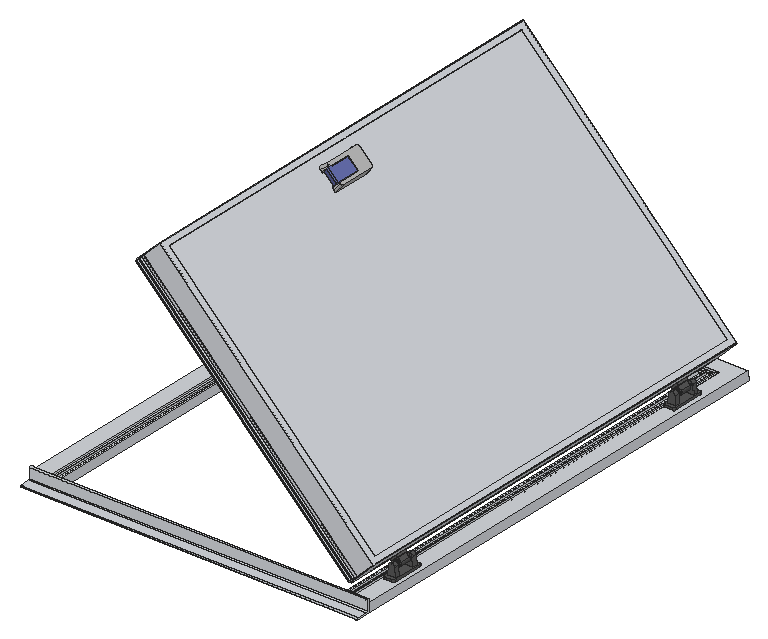
Revit family "Porta GC", category Doors, host Face, Revit 2020
Family settings
  Host = Face
  Cut with Voids When Loaded = Yes
  Shared = No
  Room Calculation Point = No
Parameters (values of type "150 - 1400 x 2200")
  VISOR [instance] = yes
  VEDAÇÃO INFERIOR [instance] = yes
  TAMPÃO = ""
  TAG [instance] = ""
  RAL do TAMPÃO [instance] = none
  PISO [instance] = ""
  OBSERVAÇÃO [instance] = ""
  NÚCLEO = ""
  Material do perfil [instance] = none
  Largura Vao Luz = 1400 mm
  FIXAÇÃO [instance] = ""
  Espessura Folha = 150 mm
  Espessura Painel [instance] = 100 mm
  Define Thermal Properties by = Schematic Type
  Default Elevation = 0 mm
  DETALHE [instance] = ""
  BUMPER [instance] = yes
  Angulo Abertura [instance] = 45.00°
  Altura Vao Luz = 2200 mm
  ABERTURA [instance] = ""
  4B [instance] = no
  3B [instance] = not([4B])  # yes
Types (3, lengths in mm): name | Largura Vao Luz | Espessura Folha | Espessura Painel | Angulo Abertura | Altura Vao Luz | 4B | 3B
  70 - 800 x 1800 | 800 | 32 | 70 | 0.00° | 1800 | yes | no
  150 - 1400 x 2200 | 1400 | 150 | 100 | 45.00° | 2200 | no | yes
  100 - 1000 x 2100 | 1000 | 32 | 100 | 0.00° | 2100 | yes | no
Reference planes
  plane 1 "Centro (Frente/Trás)": y = 0
  plane 2: z = 0
  plane 3 "Centro (Esquerda/Direita)": x = 0
  plane 4: y = 2200
  plane 5: x = 445
  plane 6: y = 2257.5
  plane 7: z = -100
  plane 8: z = -50
  plane 9: z = 94.481
  plane 10: y = 271
  plane 11: y = 1993
  plane 12: x = 778.2
  plane 13: x = 935
  plane 14: x = 700
  plane 15: x = -700
  plane 16: y = 1030
  plane 17: z = 45
Forms (mm)
  Extrusion 1, void
    sketch origin (0, 0, 0) x (1, 0, 0) y (0, 1, 0)
      loop
        line (-700, 2257.5) -> (-700, 0) -> (700, 0) -> (700, 2257.5) -> (-700, 2257.5)
    from 0 to -100
Lines and regions (mm)
  reference lines
    curve 1: line (778.2, 0, 94.481) -> (722.925, 0, 149.756)
    curve 2: line (722.925, 0, 149.756) -> (747.674, 0, 174.504)
Dimensions and locks
  "Altura Vao Luz": plane 1 "Centro (Frente/Trás)" to plane 4
  plane 6 to plane 4 = 57.5 mm
  equal spacing: plane 2, plane 8, plane 7
  "Espessura Painel": plane 2 to plane 7
  locked: plane 9 to plane 2 at 94.481
  locked: plane 1 "Centro (Frente/Trás)" to plane 10 at 271
  locked: plane 11 to plane 4 at 207
  locked: plane 1 "Centro (Frente/Trás)" to plane 16 at 1030
  locked: plane 17 to plane 2 at 45
  equal spacing: plane 15, plane 3 "Centro (Esquerda/Direita)", plane 14
  "Largura Vao Luz": plane 15 to plane 14
  locked: plane 12 to plane 14 at 78.2
  curve 1 to curve 1 = 78.17 mm
  "Angulo Abertura": angle curve 1 to plane 9
  locked: curve 1 to curve 2 (angle 90.00°)
  aligned and locked: plane 2 to host face
  aligned and locked: level to host face
  aligned and locked: Extrusion 1 sketch curve to plane 1 "Centro (Frente/Trás)"
  aligned and locked: Extrusion 1 sketch curve to plane 6
  aligned and locked: plane 3 "Centro (Esquerda/Direita)" to nested 1
  aligned and locked: plane 2 to nested 1
  aligned and locked: plane 12 to nested 3
  aligned and locked: Extrusion 1 sketch curve to plane 14
  aligned and locked: Extrusion 1 sketch curve to plane 15
  aligned and locked: Extrusion 1 to plane 7
  aligned and locked: plane 16 to nested 4
  aligned and locked: plane 17 to nested 3
  aligned and locked: curve 1 to plane 9
  aligned and locked: plane 12 to nested 2
  aligned and locked: nested 2 to plane 9
  aligned and locked: plane 12 to curve 1
  aligned and locked: nested 5 to curve 1
  aligned and locked: nested 5 to curve 2
  aligned and locked: nested 4 to nested 5
Automatic sketch dimensions
  host sketch curve to host sketch curve = 2438.4 mm
  host sketch curve to host sketch curve = 3919.2 mm
Nested families
  nested 1: "GC Moldura" at (0, 0, 0) x (1, 0, 0) z (0, 1, 0), Altura <- "Altura Vao Luz", Largura <- "Largura Vao Luz", 3B <- "3B", 4B <- "4B", Soleira <- "3B", Material do Perfil <- "Material do perfil", type "GC Moldura"
    with Soleira yes, Largura 1400 mm, Altura 2200 mm, 4B no, 3B yes
  nested 2: "GC Dobradica" at (778.2, 271, 94.481) x (1, 0, 0) z (0, 1, 0), Angulo Abertura <- "Angulo Abertura", type "GC Dobradica"
    with Angulo Abertura 45.00°
  nested 3: "GC Dobradica" at (778.2, 1993, 94.481) x (1, 0, 0) z (0, 1, 0), Angulo Abertura <- "Angulo Abertura", type "GC Dobradica"
    with Angulo Abertura 45.00°
  nested 4: "GC macaneta" at (-267.024, 1030, 1139.705) x (0.7071, 0, -0.7071) z (0.7071, 0, 0.7071), Espessura Folha <- "Espessura Folha", type "GC macaneta"
    with Espessura Folha Menor 124 mm, Espessura Folha 150 mm
  nested 5: "GC Folha" at (160.068, 0, 576.848) x (0.7071, 0, -0.7071) z (0, 1, 0), Altura <- "Altura Vao Luz", Espessura <- "Espessura Folha", Largura <- "Largura Vao Luz", Nucelo <- "RAL do TAMPÃO", Quadro <- "Material do perfil", type "GC Folha"
    with Largura 1400 mm, Espessura 150 mm, Altura 2200 mm
Definition of nested family "GC Moldura"
  Parameters (values of type "GC Moldura")
    Soleira [instance] = yes
    Material do Perfil [instance] = none
    Largura [instance] = 800 mm
    Default Elevation = 0 mm
    Altura [instance] = 2100 mm
    4B [instance] = yes
    3B [instance] = yes
  Reference planes
    plane 1 "Centro (Frente/Trás)": y = 0
    plane 2: z = 0
    plane 3 "Centro (Esquerda/Direita)": x = 0
    plane 4: x = -400
    plane 5: x = 400
    plane 6: z = 2100
    plane 7: x = -530
    plane 8: z = 2230
    plane 9: x = 530
  Forms (mm)
    Sweep 1, solid, material <- "Material do Perfil", visible <- "3B"
      path origin (0, 0, 0) x (1, 0, 0) y (0, 0, 1)
        loop
          line (-400, 0) -> (-400, 2100) -> (400, 2100) -> (400, 0)
      profile "GC Perfil moldura : GC Perfil moldura" origin (-400, 0, 1050) x (-1, 0, 0) y (0, -1, 0)
        loop
          line (44, 3) -> (44, 16.5) -> (82, 16.5) -> (82, 3) -> (127, 3) -> (127, 42) -> (49.5, 42) -> (49.5, 33.5) -> (32.5, 33.5) -> (32.5, 41.5) -> (29, 41.5) -> (29, 33.5) -> (12, 33.5) -> (12, 42) -> (3, 42) -> (3, 3) -> (44, 3)
        loop
          line (54.5, 0) -> (54.5, 4) -> (47, 4) -> (47, 13.5) -> (79, 13.5) -> (79, 4) -> (71.5, 4) -> (71.5, 0) -> (130, 0) -> (130, 45) -> (46.5, 45) -> (46.5, 36.5) -> (35.5, 36.5) -> (35.5, 44.5) -> (26, 44.5) -> (26, 36.5) -> (15, 36.5) -> (15, 45) -> (0, 45) -> (0, 0) -> (54.5, 0)
    Extrusion 2, solid, material <- "Material do Perfil", visible <- "Soleira"
      sketch origin (0, 0, 0) x (0, 1, 0) y (0, 0, 1)
        loop
          line (-60.174, -6.169) -> (-12.651, -7.828)
          arc (-12.651, -7.828) -> (-9.29, -9.29) -> (-7.828, -12.651) r 5
          line (-7.828, -12.651) -> (-6.169, -60.174)
          arc (-6.169, -60.174) -> (-4.645, -63.597) -> (-1.172, -65) r 5
          line (-1.172, -65) -> (0, -65) -> (0, 0) -> (-65, 0) -> (-65, -1.172)
          arc (-65, -1.172) -> (-63.597, -4.645) -> (-60.174, -6.169) r 5
      from -530 to 530
    Sweep 3, solid, material <- "Material do Perfil", visible <- "4B"
      path origin (0, 0, 0) x (1, 0, 0) y (0, 0, 1)
        loop
          line (-400, 3) -> (400, 3) -> (400, 2100) -> (-400, 2100) -> (-400, 3)
      profile "GC Perfil moldura : GC Perfil moldura" origin (-400, 0, 1051.5) x (-1, 0, 0) y (0, -1, 0)
        loop
          line (44, 3) -> (44, 16.5) -> (82, 16.5) -> (82, 3) -> (127, 3) -> (127, 42) -> (49.5, 42) -> (49.5, 33.5) -> (32.5, 33.5) -> (32.5, 41.5) -> (29, 41.5) -> (29, 33.5) -> (12, 33.5) -> (12, 42) -> (3, 42) -> (3, 3) -> (44, 3)
        loop
          line (54.5, 0) -> (54.5, 4) -> (47, 4) -> (47, 13.5) -> (79, 13.5) -> (79, 4) -> (71.5, 4) -> (71.5, 0) -> (130, 0) -> (130, 45) -> (46.5, 45) -> (46.5, 36.5) -> (35.5, 36.5) -> (35.5, 44.5) -> (26, 44.5) -> (26, 36.5) -> (15, 36.5) -> (15, 45) -> (0, 45) -> (0, 0) -> (54.5, 0)
  Dimensions and locks
    equal spacing: plane 4, plane 3 "Centro (Esquerda/Direita)", plane 5
    "Largura": plane 4 to plane 5
    "Altura": plane 6 to plane 2
    locked: plane 7 to plane 4 at 130
    locked: plane 8 to plane 6 at 130
    equal spacing: plane 9, plane 3 "Centro (Esquerda/Direita)", plane 7
    aligned and locked: level to plane 2
    aligned and locked: plane 2 to Extrusion 2 sketch curve
    aligned and locked: plane 1 "Centro (Frente/Trás)" to Extrusion 2 sketch curve
    aligned and locked: plane 7 to Extrusion 2
    aligned and locked: plane 9 to Extrusion 2
  Automatic sketch dimensions
    plane 4 to Sweep 1 sketch curve = 0 mm
    Sweep 1 sketch curve to level = 0 mm  (x2)
    Sweep 1 sketch curve to plane 5 = 0 mm
    Sweep 1 sketch curve to plane 6 = 0 mm
    plane 1 "Centro (Frente/Trás)" to Extrusion 2 sketch curve = 1.172 mm
    Extrusion 2 sketch curve to Extrusion 2 sketch curve = 4.997 mm
    plane 1 "Centro (Frente/Trás)" to Extrusion 2 sketch curve = 7.828 mm
    Extrusion 2 sketch curve to Extrusion 2 sketch curve = 4.822 mm  (x2)
    Extrusion 2 sketch curve to Extrusion 2 sketch curve = 0.174 mm  (x3)
    Extrusion 2 sketch curve to level = 1.172 mm
    Extrusion 2 sketch curve to Extrusion 2 sketch curve = 47.349 mm  (x2)
    Extrusion 2 sketch curve to level = 6.169 mm
    Extrusion 2 sketch curve to level = 7.828 mm
    plane 4 to Sweep 3 sketch curve = 0 mm
    Sweep 3 sketch curve to plane 5 = 0 mm
    Sweep 3 sketch curve to plane 6 = 0 mm
    level to Sweep 3 sketch curve = 3 mm
Definition of nested family "GC Dobradica"
  Parameters (values of type "GC Dobradica")
    Default Elevation = 1219.2 mm
    Angulo Abertura [instance] = 90.00°
  Reference planes
    plane 1 "Centro (Frente/Trás)": y = 0
    plane 2: z = 0
    plane 3 "Centro (Esquerda/Direita)": x = 0
    plane 4: y = 49.481
    plane 5: x = 9
    plane 6: x = -33.17
    plane 7: x = 27.75
    plane 8: x = -27.75
    plane 9: z = 82
    plane 10: z = -86
    plane 11: y = 38.481
    plane 12: z = 62
    plane 13: z = 40
    plane 14: z = -47
    plane 15: z = -66
  Forms (mm)
    Revolve 1, solid
      sketch origin (0, 0, 0) x (1, 0, 0) y (0, 0, 1)
        loop
          line (14, -27.007) -> (0, -27.007) -> (0, -47) -> (14, -47) -> (14, -38)
          arc (14, -38) -> (13.707, -37.293) -> (13, -37) r 1
          arc (13, -37) -> (13.707, -36.707) -> (14, -36) r 1
          line (14, -36) -> (14, -27.007)
        axis (0, -47) -> (0, -27.007)
      angle from 0 to 360
    Revolve 2, solid
      sketch origin (0, 0, 0) x (1, 0, 0) y (0, 0, -1)
        loop
          line (5.156, -27) -> (0, -27) -> (0, -40) -> (5.156, -40) -> (5.156, -27)
        axis (0, -40) -> (0, -27)
      angle from 0 to 360
    Extrusion 3, solid
      sketch origin (-17.75, -1524, -66) x (-1, 0, 0) y (0, -1, 0)
        loop
          line (1.5, -1562.481) -> (-1.436, -1520.505)
          arc (-1.436, -1520.505) -> (-5.854, -1511.242) -> (-15.402, -1507.481) r 14
          line (-15.402, -1507.481) -> (-20.098, -1507.481)
          arc (-20.098, -1507.481) -> (-29.646, -1511.242) -> (-34.064, -1520.505) r 14
          line (-34.064, -1520.505) -> (-37, -1562.481) -> (1.5, -1562.481)
      from 0 to 19
    Extrusion 4, solid
      sketch origin (-17.75, -1524, 40) x (-1, 0, 0) y (0, -1, 0)
        loop
          line (1.5, -1562.481) -> (-1.436, -1520.505)
          arc (-1.436, -1520.505) -> (-5.854, -1511.242) -> (-15.402, -1507.481) r 14
          line (-15.402, -1507.481) -> (-20.098, -1507.481)
          arc (-20.098, -1507.481) -> (-29.646, -1511.242) -> (-34.064, -1520.505) r 14
          line (-34.064, -1520.505) -> (-37, -1562.481) -> (1.5, -1562.481)
      from 0 to 22
    Extrusion 5, solid
      sketch origin (0, -33.17, 0) x (0, 0, 1) y (-1, 0, 0)
        loop
          line (27, -21) -> (27, 21) -> (-27, 21) -> (-27, -21) -> (27, -21)
      from 0 to -13
    Extrusion 6, solid
      sketch origin (-2.349, 38.481, 1200) x (-1, 0, 0) y (0, 0, 1)
        loop
          line (-20.099, -1286) -> (15.401, -1286)
          arc (15.401, -1286) -> (22.472, -1283.071) -> (25.401, -1276) r 10
          line (25.401, -1276) -> (25.401, -1128)
          arc (25.401, -1128) -> (22.472, -1120.929) -> (15.401, -1118) r 10
          line (15.401, -1118) -> (-20.099, -1118)
          arc (-20.099, -1118) -> (-27.17, -1120.929) -> (-30.099, -1128) r 10
          line (-30.099, -1128) -> (-30.099, -1276)
          arc (-30.099, -1276) -> (-27.17, -1283.071) -> (-20.099, -1286) r 10
      from 0 to 11
  Lines and regions (mm)
    reference lines
      curve 1: line (0, 0, 0) -> (0, -33.17, 0)
  Dimensions and locks
    locked: plane 4 to plane 11 at 11
    locked: Extrusion 5 sketch curve to Extrusion 5 sketch curve at 42
    locked: curve 1 to curve 1 at 33.17
    "Angulo Abertura": angle plane 1 "Centro (Frente/Trás)" to curve 1
    aligned and locked: level to plane 2
    aligned and locked: plane 14 to Extrusion 3
    aligned and locked: plane 12 to Extrusion 4
    aligned and locked: Extrusion 6 to plane 4
    aligned and locked: plane 3 "Centro (Esquerda/Direita)" to curve 1
    aligned and locked: plane 1 "Centro (Frente/Trás)" to curve 1
  Automatic sketch dimensions
    Revolve 1 sketch curve to plane 3 "Centro (Esquerda/Direita)" = 0 mm  (x2)
    Revolve 1 sketch curve to plane 14 = 0 mm
    Revolve 1 sketch curve to level = 0 mm
    plane 5 to Revolve 1 sketch curve = 4 mm
    plane 5 to Revolve 1 sketch curve = 5 mm  (x2)
    plane 14 to Revolve 1 sketch curve = 9 mm
    Revolve 1 sketch curve to Revolve 1 sketch curve = 1 mm
    Revolve 1 sketch curve to Revolve 1 sketch curve = 8.993 mm
    Revolve 1 sketch curve to plane 15 = 1.09 mm
    Revolve 2 sketch curve to plane 3 "Centro (Esquerda/Direita)" = 0 mm  (x2)
    Revolve 2 sketch curve to plane 13 = 0 mm
    Revolve 2 sketch curve to level = 0 mm
    plane 5 to Revolve 2 sketch curve = 3.844 mm
    plane 13 to Revolve 2 sketch curve = 13 mm
    Revolve 2 sketch curve to plane 12 = 5.09 mm
    Extrusion 3 sketch curve to plane 11 = 0 mm
    Extrusion 3 sketch curve to plane 7 = 8.5 mm
    plane 1 "Centro (Frente/Trás)" to Extrusion 3 sketch curve = 3.495 mm  (x2)
    plane 5 to Extrusion 3 sketch curve = 7.314 mm
    plane 3 "Centro (Esquerda/Direita)" to Extrusion 3 sketch curve = 2.348 mm
    Extrusion 3 sketch curve to plane 3 "Centro (Esquerda/Direita)" = 2.348 mm
    Extrusion 3 sketch curve to plane 8 = 11.436 mm
    Extrusion 3 sketch curve to plane 8 = 8.5 mm
    plane 1 "Centro (Frente/Trás)" to Extrusion 3 sketch curve = 2.518 mm
    Extrusion 4 sketch curve to plane 11 = 0 mm
    Extrusion 4 sketch curve to plane 7 = 8.5 mm
    plane 1 "Centro (Frente/Trás)" to Extrusion 4 sketch curve = 3.495 mm  (x2)
    plane 5 to Extrusion 4 sketch curve = 7.314 mm
    plane 3 "Centro (Esquerda/Direita)" to Extrusion 4 sketch curve = 2.348 mm
    Extrusion 4 sketch curve to plane 3 "Centro (Esquerda/Direita)" = 2.348 mm
    Extrusion 4 sketch curve to plane 8 = 11.436 mm
    Extrusion 4 sketch curve to plane 8 = 8.5 mm
    plane 1 "Centro (Frente/Trás)" to Extrusion 4 sketch curve = 2.518 mm
    plane 14 to Extrusion 5 sketch curve = 20 mm
    Extrusion 5 sketch curve to plane 13 = 13 mm
    Extrusion 6 sketch curve to plane 7 = 0 mm
    Extrusion 6 sketch curve to plane 9 = 0 mm
    Extrusion 6 sketch curve to plane 10 = 0 mm
    plane 8 to Extrusion 6 sketch curve = 0 mm
    plane 5 to Extrusion 6 sketch curve = 8.75 mm  (x2)
    Extrusion 6 sketch curve to plane 8 = 10 mm
    Extrusion 6 sketch curve to plane 15 = 10 mm
  Nested families
    nested 1: "Dobradica Parte" at (0, -20.17, 0) x (-1, 0, 0) z (0, 0, 1), type "Dobradica Parte"
      with EPDM none
  Definition of nested family "Dobradica Parte"
    Parameters (values of type "Dobradica Parte")
      EPDM [instance] = none
      Default Elevation = 1219.2 mm
    Reference planes
      plane 1 "Centro (Frente/Trás)": y = 0
      plane 2: z = 0
      plane 3 "Centro (Esquerda/Direita)": x = 0
    Forms (mm)
      Extrusion 1, solid, material <- "EPDM"
        sketch origin (-1524, -2.42, 40) x (0, 1, 0) y (-1, 0, 0)
          loop
            line (2.42, -1539.917) -> (2.42, -1508.083) -> (-21.109, -1510.855)
            arc (-21.109, -1510.855) -> (-32.744, -1523.909) -> (-21.173, -1537.02) r 13.177
            line (-21.173, -1537.02) -> (2.42, -1539.917)
        from -67.007 to -13.003
    Dimensions and locks
      aligned and locked: level to plane 2
Definition of nested family "GC macaneta"
  Parameters (values of type "GC macaneta")
    Espessura Folha Menor [instance] = Espessura Folha - 26 mm  # 52 mm
    Espessura Folha [instance] = 78 mm
    Default Elevation = 1219.2 mm
  Reference planes
    plane 1 "Centro (Frente/Trás)": y = 0
    plane 2: z = 0
    plane 3 "Centro (Esquerda/Direita)": x = 0
    plane 4: z = 52
    plane 5: z = 98
  Forms (mm)
    Blend 1, solid
      base sketch origin (-66.892, -1524, 52) x (-1, 0, 0) y (0, -1, 0)
        loop
          arc (-115.892, -1422) -> (-118.367, -1423.025) -> (-119.392, -1425.5) r 3.5
          line (-119.392, -1425.5) -> (-119.392, -1537) -> (-187.392, -1537) -> (-187.392, -1425.5)
          arc (-187.392, -1425.5) -> (-188.417, -1423.025) -> (-190.892, -1422) r 3.5
          line (-190.892, -1422) -> (-202.544, -1422)
          spline (-202.544, -1422) -> (-203.841, -1422.084) -> (-205.112, -1422.333) -> (-206.335, -1422.744) -> (-207.491, -1423.31) -> (-208.56, -1424.021) -> (-209.526, -1424.867) -> (-210.371, -1425.832) -> (-211.082, -1426.901) -> (-211.648, -1428.057) -> (-212.059, -1429.281) -> (-212.309, -1430.551) -> (-212.392, -1431.848)
          line (-212.392, -1431.848) -> (-212.392, -1616.152)
          spline (-212.392, -1616.152) -> (-212.309, -1617.45) -> (-212.059, -1618.722) -> (-211.647, -1619.946) -> (-211.08, -1621.103) -> (-210.367, -1622.173) -> (-209.52, -1623.139) -> (-208.553, -1623.984) -> (-207.482, -1624.695) -> (-206.325, -1625.26) -> (-205.1, -1625.67) -> (-203.827, -1625.918) -> (-202.529, -1626)
          line (-202.529, -1626) -> (-104.256, -1626)
          spline (-104.256, -1626) -> (-102.957, -1625.918) -> (-101.685, -1625.67) -> (-100.46, -1625.26) -> (-99.302, -1624.695) -> (-98.231, -1623.984) -> (-97.264, -1623.139) -> (-96.417, -1622.173) -> (-95.705, -1621.103) -> (-95.138, -1619.946) -> (-94.726, -1618.722) -> (-94.476, -1617.45) -> (-94.392, -1616.152)
          line (-94.392, -1616.152) -> (-94.392, -1431.848)
          spline (-94.392, -1431.848) -> (-94.476, -1430.551) -> (-94.725, -1429.281) -> (-95.136, -1428.057) -> (-95.702, -1426.901) -> (-96.414, -1425.832) -> (-97.259, -1424.867) -> (-98.224, -1424.021) -> (-99.294, -1423.31) -> (-100.449, -1422.744) -> (-101.673, -1422.333) -> (-102.943, -1422.084) -> (-104.24, -1422)
          line (-104.24, -1422) -> (-115.892, -1422)
      top sketch origin (-66.892, -1524, 52) x (-1, 0, 0) y (0, -1, 0)
        loop
          arc (-205.385, -1609.166) -> (-202.394, -1616.017) -> (-195.538, -1618.993) r 10.21
          line (-195.538, -1618.993) -> (-111.247, -1618.993)
          arc (-111.247, -1618.993) -> (-104.391, -1616.017) -> (-101.4, -1609.166) r 10.21
          line (-101.4, -1609.166) -> (-101.4, -1438.855)
          arc (-101.4, -1438.855) -> (-104.384, -1431.993) -> (-111.247, -1429.009) r 10.209
          line (-111.247, -1429.009) -> (-117.392, -1429.009)
          arc (-117.392, -1429.009) -> (-118.807, -1429.586) -> (-119.394, -1430.997) r 1.988
          line (-119.394, -1430.997) -> (-119.394, -1537) -> (-187.391, -1537) -> (-187.391, -1430.997)
          arc (-187.391, -1430.997) -> (-187.978, -1429.586) -> (-189.393, -1429.009) r 1.988
          line (-189.393, -1429.009) -> (-195.538, -1429.009)
          arc (-195.538, -1429.009) -> (-202.401, -1431.993) -> (-205.385, -1438.855) r 10.209
          line (-205.385, -1438.855) -> (-205.385, -1609.166)
      from 0 to 46
    Extrusion 2, solid
      sketch origin (0, 0, 0) x (0, -1, 0) y (0, 0, -1)
        loop
          line (-11.002, -105) -> (113.859, -105)
          arc (113.859, -105) -> (115.547, -104.075) -> (115.673, -102.155) r 2
          line (115.673, -102.155) -> (92.286, -52) -> (-13, -52) -> (-13, -103)
          arc (-13, -103) -> (-12.415, -104.414) -> (-11.002, -105) r 2
      from 52.501 to 120.499
  Dimensions and locks
    "Espessura Folha Menor": plane 4 to level
    locked: plane 5 to plane 4 at 46
    aligned and locked: level to plane 2
  Automatic sketch dimensions
    plane 3 "Centro (Esquerda/Direita)" to Blend 1 sketch curve = 145.5 mm
    Blend 1 sketch curve to Blend 1 sketch curve = 9.848 mm  (x2)
    Blend 1 sketch curve to Blend 1 sketch curve = 9.863 mm  (x2)
    Blend 1 sketch curve to Blend 1 sketch curve = 11.652 mm  (x2)
    Blend 1 sketch curve to Blend 1 sketch curve = 3.5 mm  (x2)
    Blend 1 sketch curve to plane 1 "Centro (Frente/Trás)" = 13 mm  (x2)
    plane 3 "Centro (Esquerda/Direita)" to Blend 1 sketch curve = 52.5 mm
    plane 3 "Centro (Esquerda/Direita)" to Blend 1 sketch curve = 37.363 mm
    Blend 1 sketch curve to Blend 1 sketch curve = 79.152 mm  (x2)
    plane 1 "Centro (Frente/Trás)" to Blend 1 sketch curve = 92.152 mm  (x2)
    Blend 1 sketch curve to Blend 1 sketch curve = 6.348 mm  (x2)
    Blend 1 sketch curve to Blend 1 sketch curve = 2.867 mm  (x3)
    Blend 1 sketch curve to Blend 1 sketch curve = 0.291 mm  (x2)
    Blend 1 sketch curve to Blend 1 sketch curve = 10.154 mm
    Blend 1 sketch curve to Blend 1 sketch curve = 0.306 mm
    Blend 1 sketch curve to Blend 1 sketch curve = 6.981 mm
    plane 3 "Centro (Esquerda/Direita)" to Blend 1 sketch curve = 138.493 mm
    Blend 1 sketch curve to Blend 1 sketch curve = 9.847 mm  (x2)
    Blend 1 sketch curve to Blend 1 sketch curve = 10.203 mm  (x2)
    Blend 1 sketch curve to Blend 1 sketch curve = 0.356 mm  (x2)
    Blend 1 sketch curve to Blend 1 sketch curve = 6.145 mm  (x2)
    Blend 1 sketch curve to Blend 1 sketch curve = 0.015 mm  (x2)
    Blend 1 sketch curve to Blend 1 sketch curve = 1.988 mm  (x2)
    plane 3 "Centro (Esquerda/Direita)" to Blend 1 sketch curve = 52.502 mm
    plane 3 "Centro (Esquerda/Direita)" to Blend 1 sketch curve = 44.711 mm
    Blend 1 sketch curve to Blend 1 sketch curve = 5.804 mm
    Blend 1 sketch curve to Blend 1 sketch curve = 71.789 mm  (x2)
    Blend 1 sketch curve to Blend 1 sketch curve = 0.377 mm
    plane 1 "Centro (Frente/Trás)" to Blend 1 sketch curve = 84.788 mm
    Blend 1 sketch curve to Blend 1 sketch curve = 0 mm
    Blend 1 sketch curve to Blend 1 sketch curve = 0.357 mm  (x2)
    Extrusion 2 sketch curve to plane 1 "Centro (Frente/Trás)" = 11.002 mm
    Extrusion 2 sketch curve to Extrusion 2 sketch curve = 0.002 mm  (x2)
    plane 5 to Extrusion 2 sketch curve = 7 mm
    Extrusion 2 sketch curve to Extrusion 2 sketch curve = 21.573 mm
    Extrusion 2 sketch curve to Extrusion 2 sketch curve = 2 mm  (x2)
    Extrusion 2 sketch curve to Extrusion 2 sketch curve = 1.813 mm
    plane 5 to Extrusion 2 sketch curve = 4.155 mm
    Extrusion 2 sketch curve to Extrusion 2 sketch curve = 0 mm  (x3)
    Extrusion 2 sketch curve to plane 4 = 0 mm
    plane 1 "Centro (Frente/Trás)" to Extrusion 2 sketch curve = 92.286 mm
Definition of nested family "GC Folha"
  Parameters (values of type "GC Folha")
    Quadro [instance] = none
    Nucelo [instance] = none
    Largura [instance] = 800 mm
    Espessura [instance] = 50 mm
    Default Elevation = 0 mm
    Altura [instance] = 2100 mm
  Reference planes
    plane 1 "Centro (Frente/Trás)": y = 0
    plane 2: z = 0
    plane 3 "Centro (Esquerda/Direita)": x = 0
    plane 4: x = -400
    plane 5: x = 400
    plane 6: x = -445
    plane 7: z = 2100
    plane 8: z = 2140
    plane 9: x = -404.1
    plane 10: z = 60
    plane 11: x = -415
    plane 12: y = -70
    plane 13: y = -120
    plane 14: y = -64
    plane 15: y = -45
    plane 16: x = -440.055
    plane 17: x = 440
    plane 18: z = 15
    plane 19: z = 20
    plane 20: y = -96
    plane 21: x = 440.055
  Forms (mm)
    Sweep 1, solid, material <- "Quadro"
      path origin (0, 0, 0) x (1, 0, 0) y (0, 0, 1)
        loop
          line (-400, 60) -> (400, 60) -> (400, 2100) -> (-400, 2100) -> (-400, 60)
      profile origin (-400, 0, 1080) x (-1, 0, 0) y (0, -1, 0)
        loop
          line (15, 70) -> (15.002, 69)
          arc (15.002, 69) -> (16.466, 65.464) -> (20.002, 64) r 5
          line (20.002, 64) -> (28.455, 64) -> (28.455, 65.5) -> (20.955, 65.5) -> (20.955, 69) -> (42.955, 69) -> (42.955, 65.5) -> (35.455, 65.5) -> (35.455, 64) -> (45, 64) -> (45, 122) -> (15, 122) -> (15, 120) -> (43, 120) -> (43, 70) -> (15, 70)
    Extrusion 2, solid, material <- "Nucelo"
      sketch origin (-426.904, -120, 1200) x (1, 0, 0) y (0, 0, 1)
        loop
          line (-13.151, 940) -> (-13.151, -1180) -> (866.904, -1180) -> (866.904, 940) -> (-13.151, 940)
      from 0 to -50
    Sweep 3, solid
      path origin (0, 0, 0) x (1, 0, 0) y (0, 0, 1)
        loop
          line (-400, 60) -> (-400, 2100) -> (400, 2100) -> (400, 60)
      profile origin (-400, 0, 1080) x (-1, 0, 0) y (0, -1, 0)
        loop
          line (18.855, 64) -> (18.855, 47.068)
          arc (18.855, 47.068) -> (31.37, 34.013) -> (45, 45.898) r 13.1
          line (45, 45.898) -> (45, 64) -> (35.455, 64) -> (35.455, 65.5) -> (42.955, 65.5) -> (42.955, 69) -> (20.955, 69) -> (20.955, 65.5) -> (28.455, 65.5) -> (28.455, 64) -> (18.855, 64)
        loop
          line (22.855, 60) -> (22.855, 47.1)
          arc (22.855, 47.1) -> (31.955, 37.98) -> (41.055, 47.08) r 9.1
          line (41.055, 47.08) -> (41.055, 60) -> (22.855, 60)
    Extrusion 4, solid
      sketch origin (0, 0, 0) x (0, 1, 0) y (0, 0, 1)
        loop
          line (-95.552, 11) -> (-94, 4) -> (-92.448, 11) -> (-85.552, 11) -> (-84, 4) -> (-82.448, 11) -> (-75.552, 11) -> (-74, 4) -> (-72.448, 11) -> (-58.417, 11) -> (-60, 41.2) -> (-64, 41.2) -> (-64, 31.6) -> (-65.5, 31.6) -> (-65.5, 39.1) -> (-69, 39.1) -> (-69, 17.1) -> (-65.5, 17.1) -> (-65.5, 24.6) -> (-64, 24.6) -> (-64, 15) -> (-108.417, 15) -> (-108.417, 11) -> (-95.552, 11)
      from -440.055 to 440.055
  Dimensions and locks
    equal spacing: plane 4, plane 3 "Centro (Esquerda/Direita)", plane 5
    "Largura": plane 4 to plane 5
    locked: plane 6 to plane 4 at 45
    "Altura": plane 7 to plane 2
    locked: plane 8 to plane 7 at 40
    locked: plane 10 to plane 2 at 60
    locked: plane 11 to plane 4 at 15
    locked: plane 12 to plane 1 "Centro (Frente/Trás)" at 70
    "Espessura": plane 13 to plane 12
    locked: plane 12 to plane 14 at 6
    plane 14 to plane 15 to plane 1 "Centro (Frente/Trás)" = 19 mm locked, 45 mm locked
    locked: plane 6 to plane 16 at 4.945
    locked: plane 10 to plane 18 at 45
    locked: plane 10 to plane 19 at 40
    locked: plane 14 to plane 20 at 32
    equal spacing: plane 21, plane 3 "Centro (Esquerda/Direita)", plane 16
    aligned and locked: level to plane 2
    aligned and locked: Sweep 1 sketch curve to plane 10
    aligned and locked: Sweep 1 sketch curve to plane 4
    aligned and locked: plane 5 to Sweep 1 sketch curve
    aligned and locked: Sweep 1 sketch curve to plane 7
    aligned and locked: Sweep 1 sketch curve to plane 12
    aligned and locked: Sweep 1 sketch curve to plane 13
    aligned and locked: Sweep 1 sketch curve to plane 6
    aligned and locked: Sweep 1 sketch curve to plane 11
    aligned and locked: Sweep 3 sketch curve to plane 14
    aligned and locked: Sweep 3 sketch curve to plane 6
    aligned and locked: Extrusion 2 to plane 16
    aligned and locked: plane 8 to Extrusion 2
    aligned and locked: plane 18 to Extrusion 4 sketch curve
    aligned and locked: plane 14 to Extrusion 4 sketch curve
    aligned and locked: Extrusion 4 to plane 16
    aligned and locked: Extrusion 2 sketch curve to plane 19
    aligned and locked: Extrusion 2 to plane 12
    aligned and locked: Extrusion 4 to plane 21
  Automatic sketch dimensions
    Sweep 1 sketch curve to Sweep 1 sketch curve = 1.5 mm  (x2)
    Sweep 1 sketch curve to Sweep 1 sketch curve = 7.5 mm  (x2)
    Sweep 1 sketch curve to Sweep 1 sketch curve = 2.045 mm
    Sweep 1 sketch curve to Sweep 1 sketch curve = 3.5 mm  (x2)
    Sweep 1 sketch curve to Sweep 1 sketch curve = 5.955 mm
    Sweep 1 sketch curve to Sweep 1 sketch curve = 7 mm
    Sweep 1 sketch curve to Sweep 1 sketch curve = 0.953 mm
    Sweep 1 sketch curve to Sweep 1 sketch curve = 0 mm  (x2)
    Sweep 1 sketch curve to Sweep 1 sketch curve = 1 mm
    Sweep 1 sketch curve to Sweep 1 sketch curve = 2 mm  (x2)
    plane 4 to Sweep 3 sketch curve = 0 mm
    Sweep 3 sketch curve to plane 5 = 0 mm
    Sweep 3 sketch curve to plane 7 = 0 mm
    Sweep 3 sketch curve to profile plane = 18.855 mm
    Sweep 3 sketch curve to Sweep 3 sketch curve = 16.932 mm
    Sweep 3 sketch curve to Sweep 3 sketch curve = 13.1 mm
    Sweep 3 sketch curve to Sweep 3 sketch curve = 0.032 mm  (x2)
    Sweep 3 sketch curve to Sweep 3 sketch curve = 9.6 mm
    Sweep 3 sketch curve to Sweep 3 sketch curve = 1.5 mm  (x2)
    Sweep 3 sketch curve to Sweep 3 sketch curve = 7 mm
    Sweep 3 sketch curve to Sweep 3 sketch curve = 7.5 mm
    Sweep 3 sketch curve to Sweep 3 sketch curve = 3.5 mm
    Sweep 3 sketch curve to Sweep 3 sketch curve = 2.1 mm
    Sweep 3 sketch curve to Sweep 3 sketch curve = 0 mm  (x2)
    Sweep 3 sketch curve to Sweep 3 sketch curve = 4 mm  (x2)
    Sweep 3 sketch curve to Sweep 3 sketch curve = 3.945 mm
    Sweep 3 sketch curve to Sweep 3 sketch curve = 0.02 mm
    plane 7 to Extrusion 2 sketch curve = 40 mm
    plane 5 to Extrusion 2 sketch curve = 40 mm
    plane 4 to Extrusion 2 sketch curve = 40.055 mm
    Sweep 3 sketch curve to plane 10 = 0 mm  (x2)
    Extrusion 4 sketch curve to plane 18 = 4 mm  (x3)
    plane 12 to Extrusion 4 sketch curve = 38.417 mm
    Extrusion 4 sketch curve to Extrusion 4 sketch curve = 12.865 mm
    level to Extrusion 4 sketch curve = 4 mm  (x3)
    Extrusion 4 sketch curve to Extrusion 4 sketch curve = 1.552 mm  (x2)
    Extrusion 4 sketch curve to Extrusion 4 sketch curve = 3.104 mm  (x2)
    Extrusion 4 sketch curve to Extrusion 4 sketch curve = 6.896 mm
    plane 12 to Extrusion 4 sketch curve = 5.552 mm
    plane 12 to Extrusion 4 sketch curve = 4 mm
    plane 12 to Extrusion 4 sketch curve = 2.448 mm
    Extrusion 4 sketch curve to plane 12 = 1 mm
    plane 14 to Extrusion 4 sketch curve = 1.5 mm  (x2)
    Extrusion 4 sketch curve to plane 14 = 5.583 mm
    Extrusion 4 sketch curve to Extrusion 4 sketch curve = 0 mm
    plane 18 to Extrusion 4 sketch curve = 2.1 mm
    Extrusion 4 sketch curve to Extrusion 4 sketch curve = 7 mm
    Extrusion 4 sketch curve to Extrusion 4 sketch curve = 7.5 mm  (x2)
    Extrusion 4 sketch curve to Extrusion 4 sketch curve = 2.1 mm
    Extrusion 4 sketch curve to Extrusion 4 sketch curve = 4 mm
    Extrusion 4 sketch curve to plane 14 = 0 mm
